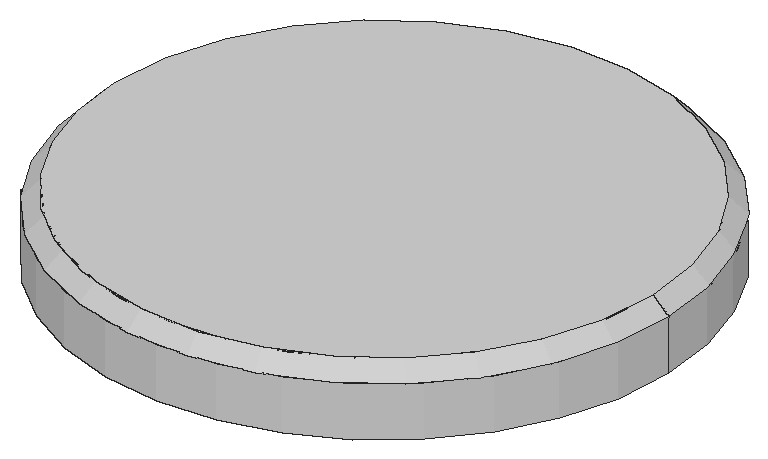
Revit family "12 CIRCLE", category Specialty Equipment, Revit 2023
Family settings
  Round Connector Dimension = Use Diameter
  Part Type = Normal
  OmniClass Number = 23.35.00.00
  OmniClass Title = Covering, Cladding, and Finishes
  Work Plane-Based = Yes
  Enable Cutting in Views = Yes
  Always vertical = No
  Cut with Voids When Loaded = No
  Maintain Annotation Orientation = No
  Shared = No
  Room Calculation Point = No
Parameters (values of type "1-3/8 inch thick Primed White")
  URL = "https://www.acousticalsurfaces.com/envirocoustic-wood-wool/shapes/"
  Type Comments = "Acoustic Panels"
  Thickness = 0' - 1 3/8"
  Recycled Content Percentage = "0%"
  Model = "Envirocoustic Wood Wool"
  Material = "Envirocoustic Wood Wool"
  Manufacturer = "Acoustical Surfaces, Inc."
  Fire Rating = "ASTM E84 - Class A"
  Finish = Paint - Acoustical-Surfaces - Primed White
  Description = "Acoustic Panels"
  Default Elevation = 0' - 0"
  Assembly Code = "C30"
  Acoustics - NRC = "Sound absorption varies from NRC 0.45 to 0.95 based on installation method used when tested per ASTM C423."
Types (9): name | Thickness | Finish
  1-3/8 inch thick Primed White | 0' - 1 3/8" | Paint - Acoustical-Surfaces - Primed White
  1-3/8 inch thick Primed Clear | 0' - 1 3/8" | Paint - Acoustical-Surfaces - Primed Clear
  1-3/8 inch thick Custom Painted | 0' - 1 3/8" | Paint - Acoustical-Surfaces - Custom Painted
  2 inch thick Primed White | 0' - 2" | Paint - Acoustical-Surfaces - Primed White
  2 inch thick Primed Clear | 0' - 2" | Paint - Acoustical-Surfaces - Primed Clear
  2 inch thick Custom Painted | 0' - 2" | Paint - Acoustical-Surfaces - Custom Painted
  1 inch thick Primed White | 0' - 1" | Paint - Acoustical-Surfaces - Primed White
  1 inch thick Primed Clear | 0' - 1" | Paint - Acoustical-Surfaces - Primed Clear
  1 inch thick Custom Painted | 0' - 1" | Paint - Acoustical-Surfaces - Custom Painted
Reference planes (in)
  plane 1 "Center (Front/Back)": y = 0
  plane 2: z = 0
  plane 3 "Center (Left/Right)": x = 0
  plane 4: z = 1.375
  plane 5: z = -1
  plane 6: x = -6
  plane 7: x = 6
  plane 8: y = 6
  plane 9: y = -6
Forms (in)
  Extrusion 1, solid, material "Paint - Acoustical-Surfaces - Primed White" <- "Finish"
    sketch origin (0, 0, 0) x (1, 0, 0) y (0, 1, 0)
      loop
        circle (0, 0) r 6
    from 0 to 1.375
  Sweep 2, void
    path origin (0, 0, 1.375) x (1, 0, 0) y (0, 1, 0)
      loop
        circle (0, 0) r 6
    profile "Triangle : Family2" origin (0, 6, 1.375) x (0, -1, 0) y (0, 0, 1)
      loop
        line (0, 0) -> (0, -0.315) -> (0.315, 0) -> (0, 0)
Cuts and joins
  Sweep 2 cuts Extrusion 1
Dimensions and locks (in)
  "Thickness": plane 4 to level
  level to plane 5 = 0' - 1"
  aligned and locked: level to plane 2
  aligned and locked: Extrusion 1 to plane 4
Automatic sketch dimensions
  plane 1 "Center (Front/Back)" to Extrusion 1 sketch curve = 0' - 0"
  Extrusion 1 sketch curve to plane 3 "Center (Left/Right)" = 0' - 0"
  radius of Extrusion 1 sketch curve = 0' - 6"
  radius of Sweep 2 sketch curve to Extrusion 1 = 0' - 0"
